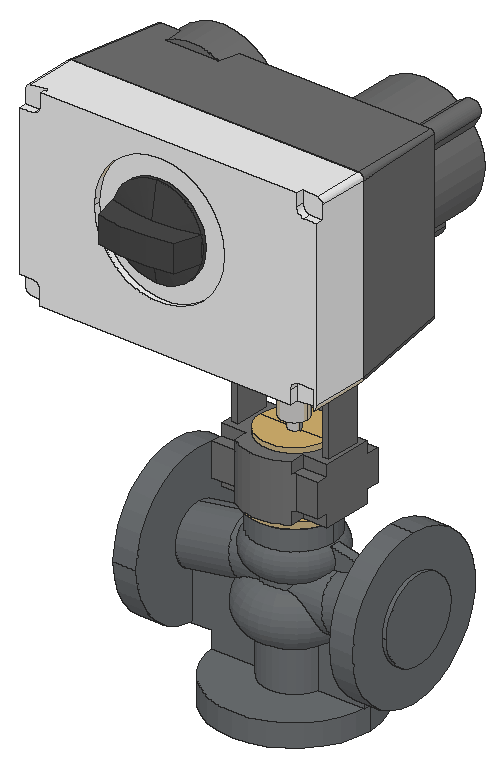
Revit family "VL3_DN15-DN100_AMV(E) 438 SU_RFA_1", category Pipe Accessories, Revit 2019 (continued)
Definition of nested family "Schematic_3-Way Valve_Flange"
  Parameters (values of type "Schematic_3-Way Valve_Flange")
    L = 285 mm
    H1 = 152 mm
    H = 120 mm
    D1 = 110 mm
  Reference planes
    plane 1 "Center (Front/Back)": y = 0
    plane 2: z = 0
    plane 3 "Center (Left/Right)": x = 0
    plane 4: z = 55
    plane 5: z = -55
    plane 6: x = 142.5
    plane 7: x = -142.5
    plane 8: x = -124.687
    plane 9: x = 124.687
    plane 10: x = 55
    plane 11: x = -55
    plane 12: z = -134.187
    plane 13: y = -134.188
    plane 14: y = 55
    plane 15: y = -55
    plane 16: z = 120
    plane 17: z = 215
    plane 18: x = 47.5
    plane 19: x = -47.5
    plane 20: z = -152
    plane 21: y = -152
    plane 22: y = 120
    plane 23: y = 215
  Lines and regions (mm)
    model lines
      curve 1: line (-142.5, 0, 55) -> (-142.5, 0, -55)
      curve 2: line (142.5, 0, 55) -> (142.5, 0, -55)
      curve 3: line (0, 0, 0) -> (-55, 0, -134.187)
      curve 4: line (0, 0, 0) -> (55, 0, -134.187)
      curve 5: line (55, 0, -134.187) -> (-55, 0, -134.187)
      curve 6: line (0, 0, 0) -> (124.687, 0, 55)
      curve 7: line (124.687, 0, 55) -> (124.687, 0, -55)
      curve 8: line (124.687, 0, -55) -> (0, 0, 0)
      curve 9: line (0, 0, 0) -> (-124.687, 0, 55)
      curve 10: line (-124.687, 0, 55) -> (-124.687, 0, -55)
      curve 11: line (-124.687, 0, -55) -> (0, 0, 0)
      curve 23: line (0, 0, 120) -> (0, 0, 0)
      curve 24: line (-47.5, 0, 120) -> (47.5, 0, 120)
      curve 25: line (-47.5, 0, 215) -> (-47.5, 0, 120)
      curve 26: line (47.5, 0, 215) -> (-47.5, 0, 215)
      curve 27: line (47.5, 0, 120) -> (47.5, 0, 215)
      curve 28: line (-55, 0, -152) -> (55, 0, -152)
    symbolic lines
      curve 12: line (0, 0, 0) -> (124.687, 55, 0)
      curve 13: line (124.687, 55, 0) -> (124.687, -55, 0)
      curve 14: line (124.687, -55, 0) -> (0, 0, 0)
      curve 15: line (0, 0, 0) -> (-124.688, 55, 0)
      curve 16: line (-124.688, 55, 0) -> (-124.688, -55, 0)
      curve 17: line (-124.688, -55, 0) -> (0, 0, 0)
      curve 18: line (-142.5, 55, 0) -> (-142.5, -55, 0)
      curve 19: line (142.5, 55, 0) -> (142.5, -55, 0)
      curve 20: line (0, 0, 0) -> (55, -134.188, 0)
      curve 21: line (55, -134.188, 0) -> (-55, -134.188, 0)
      curve 22: line (0, 0, 0) -> (-55, -134.188, 0)
      curve 29: line (-55, -152, 0) -> (55, -152, 0)
      curve 30: line (-47.5, 120, 0) -> (47.5, 120, 0)
      curve 31: line (-47.5, 215, 0) -> (-47.5, 120, 0)
      curve 32: line (47.5, 215, 0) -> (-47.5, 215, 0)
      curve 33: line (47.5, 120, 0) -> (47.5, 215, 0)
      curve 34: line (0, 0, 0) -> (0, 120, 0)
  Dimensions and locks
    "L": plane 6 to plane 7
    equal spacing: plane 6, plane 3 "Center (Left/Right)", plane 7
    "D1": plane 4 to plane 5
    equal spacing: plane 4, level, plane 5
    "L1": plane 8 to plane 7
    "L1": plane 6 to plane 9
    "D1": plane 10 to plane 11
    equal spacing: plane 10, plane 3 "Center (Left/Right)", plane 11
    plane 11 to plane 10 = 110 mm
    equal spacing: plane 11, plane 3 "Center (Left/Right)", plane 10
    "D1": plane 15 to plane 14
    equal spacing: plane 15, plane 1 "Center (Front/Back)", plane 14
    "L_1": plane 17 to plane 16
    "H": plane 16 to level
    "L_1": plane 18 to plane 19
    equal spacing: plane 18, plane 3 "Center (Left/Right)", plane 19
    "L1": plane 12 to plane 20
    "H1": level to plane 20
    "H1": plane 21 to plane 1 "Center (Front/Back)"
    "L1": plane 21 to plane 13
    "H": plane 1 "Center (Front/Back)" to plane 22
    "L_1": plane 22 to plane 23
    equal spacing: plane 19, plane 3 "Center (Left/Right)", plane 18
    plane 19 to plane 18 = 95 mm
    aligned and locked: level to plane 2
    aligned and locked: plane 5 to curve 1
    aligned and locked: plane 4 to curve 1
    aligned and locked: plane 4 to curve 2
    aligned and locked: plane 5 to curve 2
    aligned and locked: plane 12 to curve 5
    aligned and locked: curve 7 to plane 9
    aligned and locked: curve 10 to plane 8
    aligned and locked: level to curve 23
    aligned and locked: curve 24 to plane 16
    aligned and locked: plane 19 to curve 25
    aligned and locked: curve 27 to plane 18
    aligned and locked: curve 28 to plane 20
    aligned and locked: plane 11 to curve 28
    aligned and locked: plane 10 to curve 28
    aligned and locked: plane 16 to curve 23
    aligned and locked: plane 22 to curve 34
  Automatic sketch dimensions
    curve 1 to plane 7 = 0 mm
    curve 5 to plane 11 = 0 mm
    curve 4 to plane 3 "Center (Left/Right)" = 0 mm
    curve 4 to plane 10 = 0 mm
    curve 2 to plane 6 = 0 mm
    curve 10 to plane 5 = 0 mm
    curve 8 to plane 5 = 0 mm
    curve 9 to plane 4 = 0 mm
    curve 6 to plane 4 = 0 mm
    curve 27 to plane 17 = 0 mm
    curve 18 to plane 7 = 0 mm
    curve 16 to plane 8 = 0 mm
    curve 22 to plane 11 = 0 mm
    curve 29 to plane 11 = 0 mm
    curve 32 to plane 19 = 0 mm
    plane 1 "Center (Front/Back)" to curve 15 = 0 mm
    curve 15 to plane 3 "Center (Left/Right)" = 0 mm
    curve 33 to plane 18 = 0 mm
    curve 29 to plane 10 = 0 mm
    curve 21 to plane 10 = 0 mm
    curve 13 to plane 9 = 0 mm
    curve 19 to plane 6 = 0 mm
    plane 21 to curve 29 = 0 mm
    plane 13 to curve 21 = 0 mm
    plane 15 to curve 16 = 0 mm
    plane 15 to curve 18 = 0 mm
    plane 15 to curve 14 = 0 mm
    plane 15 to curve 19 = 0 mm
    plane 14 to curve 19 = 0 mm
    plane 14 to curve 18 = 0 mm
    plane 14 to curve 16 = 0 mm
    plane 14 to curve 13 = 0 mm
    plane 23 to curve 33 = 0 mm
Types (13, lengths in mm): name | W | L_Top | LV2 | LV1 | LE_100 | L_EXT | L | HR | Weight | W2 | V_SMALL | V100 | Stroke | R_arc | R_Top | R3_2 | R3 | R_Flow Pipe | R_Flange Bottom | R2_Revolve | R1_Revolve | R1_2 | R1_1_1 | R1_1 | R1 | Offset Flow Pipe_1 | Offset Flow Pipe_2 | Model Type | Model | L_S | L2 | Kvs | HR1 | TH1 | HH1 | HE_100 | HE1_100 | HE1 | HE | HB3 | HB1__ve | HB1 | H1 | H | Flange Bottom Depth | EXT3 | D_Connection End | D_Flange | Extrusion Top 2 | Extrusion Top | Extrusion Bottom | EXT2 | R_Vertical Body | DN15 to DN50 | D | L1_ve | Depth_Flange_ve | Depth_Flange | L1 | HH2 | Arc_100 | Adapter assembly | A2_Flow Pipe | A2 | A3 | A1_Flow Pipe | A1
  VL3_DN20_Kvs6.3_065Z0356 | 137.6 | 3 | 9 | 45 | 30 | 85 | 150 | 28 | 2.68 kg | 20 | yes | no | "10 mm" | 35 | 12.5 | 26.5 | 24 | 17 | 45 | 8 | 10 | 12.5 | 19.5 | 20 | 23 | 6 | 6.47 | "VL3_DN20_Kvs6.3" | "065Z0356" | 48 | 75 | 6.3 m³/h | 25 | 97.3 | 87.3 | 0 | 3 | 57 | 0 | 2.5 | -40 | 40 | 33 | 452.7 | 13.5 | 18 | 52 | 90 | 8 | 27 | 54 | -54 | 18 | yes | 20 | -2.5 | -13.5 | 13.5 | 2.5 | 70 | 10 | 1.5 | 165.00° | 47.1206° | 15.00° | 172.00° | 3
  VL3_DN25_Kvs10_065Z0357 | 137.6 | 3 | 12 | 50 | 30 | 90 | 160 | 31 | 3.59 kg | 20 | yes | no | "10 mm" | 36 | 12.5 | 31.5 | 29 | 19 | 50 | 9 | 11.5 | 12.5 | 20.5 | 21 | 25 | 9 | 6.47 | "VL3_DN25_Kvs10" | "065Z0357" | 48 | 80 | 10.0 m³/h | 25 | 101 | 91 | 0 | 3 | 60 | 0 | 2.5 | -40 | 40 | 37 | 452.7 | 14.5 | 15 | 62 | 100 | 5 | 25 | 62 | -58 | 20 | yes | 25 | -2.5 | -13.5 | 13.5 | 2.5 | 75 | 10 | 1.5 | 165.00° | 47.1206° | 10.00° | 169.00° | 5
  VL3_DN32_Kvs16_065Z0358 | 137.6 | 3 | 12.5 | 59.5 | 30 | 100 | 180 | 31 | 5.17 kg | 26 | yes | no | "15 mm" | 41 | 12.5 | 37 | 34.5 | 24 | 60 | 13.5 | 17 | 12.5 | 23.5 | 24 | 29 | 7 | 9 | "VL3_DN32_Kvs16" | "065Z0358" | 48 | 90 | 16.0 m³/h | 33 | 105.5 | 95.5 | 0 | 3 | 65 | 0.3 | 2.5 | -40 | 40 | 41.5 | 452.7 | 15.5 | 20 | 72 | 120 | 10 | 35 | 72.5 | -62 | 25 | yes | 32 | -2.5 | -15.8 | 15.8 | 2.5 | 80 | 10 | 1 | 168.00° | 47.1206° | 16.00° | 170.00° | 3
  VL3_DN40_Kvs25_065Z0359 | 130 | 3 | 9 | 64.5 | 30 | 120 | 200 | 40 | 7.08 kg | 31 | yes | no | "15 mm" | 50 | 12.5 | 41.5 | 39 | 27.5 | 65 | 23 | 25 | 20 | 28.5 | 29 | 36 | 11 | 10 | "VL3_DN40_Kvs25" | "065Z0359" | 48 | 100 | 25.0 m³/h | 42 | 134 | 124 | 0 | 3 | 93.5 | 5.7 | 2.5 | -40 | 40 | 65 | 452.7 | 16 | 30 | 82 | 130 | 10 | 37 | 74 | -71.5 | 29 | yes | 40 | -2.5 | -16 | 16 | 2.5 | 90 | 10 | 0.5 | 166.00° | 47.1206° | 15.00° | 168.00° | 3
  VL3_DN50_Kvs40_065Z0360 | 140 | 3 | 13 | 69.5 | 30 | 150 | 230 | 46 | 10.11 kg | 34 | yes | no | "15 mm" | 59 | 12.5 | 47 | 44 | 30 | 70 | 28 | 33 | 20 | 34.5 | 35 | 43.5 | 8 | 15 | "VL3_DN50_Kvs40" | "065Z0360" | 65 | 115 | 40.0 m³/h | 55 | 146.5 | 136.5 | 0 | 3 | 106 | 6.3 | 3 | -40 | 40 | 77 | 452.7 | 17 | 30 | 93 | 140 | 10 | 50 | 82.5 | -80 | 37 | yes | 50 | -3 | -17 | 17 | 3 | 100 | 10 | 0.5 | 168.00° | 47.12° | 20.00° | 165.00° | 1
  VL3_DN65_Kvs63_065Z0361 | 186 | 3 | 13 | 150 | 30 | 185 | 290 | 58 | 16.15 kg | 48 | yes | no | "20 mm" | 76 | 12.5 | 64 | 59 | 41 | 93 | 39 | 48 | 27 | 49.5 | 50 | 55 | 16 | 25 | "VL3_DN65_Kvs63" | "065Z0361" | 97 | 145 | 63.0 m³/h | 70 | 158 | 148 | 0 | 3 | 112 | 7 | 5 | -45 | 45 | 84 | 400.7 | 19.5 | 41 | 130 | 186 | 20 | 65 | 97.5 | -97.5 | 45 | no | 65 | -5.5 | -19 | 19 | 5.5 | 122 | 10 | 4.5 | 165.00° | 32.00° | 20.00° | 165.00° | 67
  VL3_DN80_Kvs100_065Z0362 | 200 | 3 | 13 | 150 | 30 | 200 | 310 | 68 | 22.36 kg | 55 | yes | no | "20 mm" | 94 | 12.5 | 69 | 64 | 44 | 100 | 50 | 63 | 27 | 55 | 55.5 | 62.5 | 25 | 21 | "VL3_DN80_Kvs100" | "065Z0362" | 95 | 155 | 100.0 m³/h | 70 | 174 | 164 | 0 | 3 | 128 | 6.5 | 5.5 | -50 | 50 | 100 | 452.7 | 19.5 | 50 | 138 | 200 | 20 | 83 | 133 | -133 | 55 | no | 80 | -5.5 | -19 | 19 | 5.5 | 158 | 10 | 5 | 169.00° | 38.00° | 25.00° | 160.00° | 95
  VL3_DN100_Kvs145_065Z3413 | 210 | 6 | 13 | 150 | 170 | 19 | 350 | 48.769 | 34.00 kg | 35 | no | yes | "30 mm" | 94 | 17.8 | 80.5 | 77 | 48 | 105 | 38 | 44 | 17 | 35 | 59 | 17 | 24 | 33 | "VL3_DN100_Kvs145" | "065Z3413" | 95 | 175 | 145.0 m³/h | 75 | 141.5 | 131.5 | -72.5 | 72.5 | 120.2 | 0 | 3.5 | -50 | 50 | 78 | 436.2 | 21 | 0 | 160 | 210 | 20 | 67 | 152 | -155 | 70 | no | 100 | -3.5 | -20 | 20 | 3.5 | 175 | 30 | 0 | 166.00° | 44.00° | 0.00° | 165.00° | 43
  VL3_DN15_Kvs0.63_065Z0351 | 137.6 | 3 | 8.5 | 40 | 30 | 80 | 130 | 27 | 1.93 kg | 16 | yes | no | "10 mm" | 30 | 12.5 | 21.5 | 19 | 15 | 40 | 6 | 9 | 12.5 | 15.5 | 16 | 20.5 | 5 | 5 | "VL3_DN15_Kvs0.63" | "065Z0351" | 48 | 65 | 0.63 m³/h | 23 | 95 | 85 | 0 | 3 | 54 | 0 | 2.5 | -30 | 30 | 31 | 278.7 | 12 | 20 | 42 | 80 | 5 | 21 | 48.5 | -50 | 16 | yes | 15 | -2.5 | -12 | 12 | 2.5 | 63 | 10 | 1.5 | 166.00° | 47.1206° | 13.00° | 170.00° | 3
  VL3_DN15_Kvs1.0_065Z0352 | 137.6 | 3 | 8.5 | 40 | 30 | 80 | 130 | 27 | 1.93 kg | 16 | yes | no | "10 mm" | 30 | 12.5 | 21.5 | 19 | 15 | 40 | 6 | 9 | 12.5 | 15.5 | 16 | 20.5 | 5 | 5 | "VL3_DN15_Kvs1.0" | "065Z0352" | 48 | 65 | 1.0 m³/h | 23 | 95 | 85 | 0 | 3 | 54 | 0 | 2.5 | -30 | 30 | 31 | 452.7 | 12 | 20 | 42 | 80 | 5 | 21 | 48.5 | -50 | 16 | yes | 15 | -2.5 | -12 | 12 | 2.5 | 63 | 10 | 1.5 | 166.00° | 47.1206° | 13.00° | 170.00° | 3
  VL3_DN15_Kvs1.6_065Z0353 | 137.6 | 3 | 8.5 | 40 | 30 | 80 | 130 | 27 | 1.93 kg | 16 | yes | no | "10 mm" | 30 | 12.5 | 21.5 | 19 | 15 | 40 | 6 | 9 | 12.5 | 15.5 | 16 | 20.5 | 5 | 5 | "VL3_DN15_Kvs1.6" | "065Z0353" | 48 | 65 | 1.6 m³/h | 23 | 95 | 85 | 0 | 3 | 54 | 0 | 2.5 | -30 | 30 | 31 | 452.7 | 12 | 20 | 42 | 80 | 5 | 21 | 48.5 | -50 | 16 | yes | 15 | -2.5 | -12 | 12 | 2.5 | 63 | 10 | 1.5 | 166.00° | 47.1206° | 13.00° | 170.00° | 3
  VL3_DN15_Kvs2.5_065Z0354 | 137.6 | 3 | 8.5 | 40 | 30 | 80 | 130 | 27 | 1.93 kg | 16 | yes | no | "10 mm" | 30 | 12.5 | 21.5 | 19 | 15 | 40 | 6 | 9 | 12.5 | 15.5 | 16 | 20.5 | 5 | 5 | "VL3_DN15_Kvs2.5" | "065Z0354" | 48 | 65 | 2.5 m³/h | 23 | 95 | 85 | 0 | 3 | 54 | 0 | 2.5 | -30 | 30 | 31 | 452.7 | 12 | 20 | 42 | 80 | 5 | 21 | 48.5 | -50 | 16 | yes | 15 | -2.5 | -12 | 12 | 2.5 | 63 | 10 | 1.5 | 166.00° | 47.1206° | 13.00° | 170.00° | 3
  VL3_DN15_Kvs4.0_065Z0355 | 137.6 | 3 | 8.5 | 40 | 30 | 80 | 130 | 27 | 1.93 kg | 16 | yes | no | "10 mm" | 30 | 12.5 | 21.5 | 19 | 15 | 40 | 6 | 9 | 12.5 | 15.5 | 16 | 20.5 | 5 | 5 | "VL3_DN15_Kvs4.0" | "065Z0355" | 48 | 65 | 4.0 m³/h | 23 | 95 | 85 | 0 | 3 | 54 | 0 | 2.5 | -30 | 30 | 31 | 452.7 | 12 | 20 | 42 | 80 | 5 | 21 | 48.5 | -50 | 16 | yes | 15 | -2.5 | -12 | 12 | 2.5 | 63 | 10 | 1.5 | 166.00° | 47.1206° | 13.00° | 170.00° | 3
